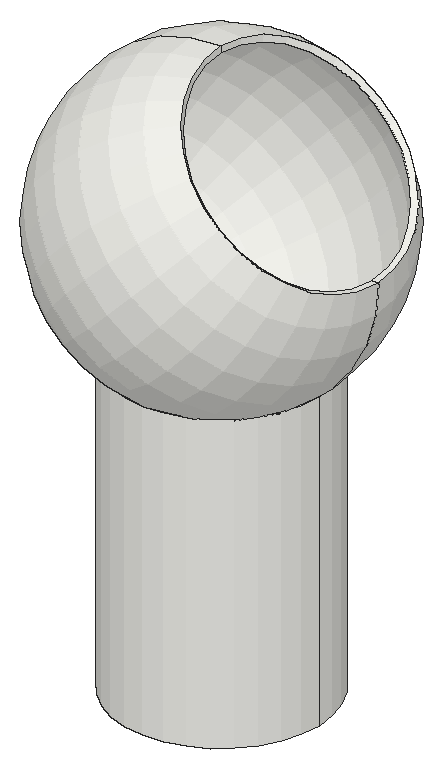
Revit family "M_Spot de luz - Exterior", category Luminárias, Revit 2019
Family settings
  Cota do conector redondo = Utilizar diâmetro
  Tipo de parte = Normal
  Número OmniClass = 23.80.70.14.17
  Título OmniClass = Exterior Spotlights
  ID de item do Seek = Spot Light - Exterior-0000-CAN-ENU
  Com base no plano de trabalho = Não
  Sempre na vertical = Sim
  Corte com vazios quando carregada = Não
  Fonte luminosa = Sim
  Compartilhado = Não
  Ponto de cálculo do ambiente = Não
Parameters (values of type "300W Incandescente - 120V")
  Wattage = 300 W
  built-in parameter 1150110 = 1 (stored number, unit not read)
  built-in parameter 1114217 = 1 (stored number, unit not read)
  built-in parameter 1150109 = 1 (stored number, unit not read)
  built-in parameter 1150134 = 4
  built-in parameter 1150113 = 1 (stored number, unit not read)
  Tilt Angle = -120.00°
  Arquivo de rede fotométrica = "SLE1PS30.IES"
  built-in parameter 1150115 = 1 (stored number, unit not read)
  built-in parameter 1150105 = 486.3 (stored number, unit not read)
  Classificação de carga = Iluminação - Externa
  built-in parameter 1150137 = 1
  built-in parameter 1150139 = (empty or 0)
  built-in parameter 1150112 = 1 (stored number, unit not read)
  built-in parameter 1150114 = 1 (stored number, unit not read)
  built-in parameter 1150132 = (empty or 0)
  built-in parameter 1150102 = (empty or 0)
  built-in parameter 1150138 = (empty or 0)
  built-in parameter 1150107 = 2800 (stored number, unit not read)
  built-in parameter 1150106 = 4.863 (stored number, unit not read)
  built-in parameter 1150104 = 1.8924 (stored number, unit not read)
  Dimming Lamp Color Temperature Shift = (empty or 0)
  Color Filter = 16777215
  Voltagem = 120 V
  Número de pólos = 1
  built-in parameter 1114218 = 1 (stored number, unit not read)
  built-in parameter 1150133 = 10 (stored number, unit not read)
  Código de montagem = "D5020230"
  Lâmpada = "PS-30"
  Lumens = 6111 lm
  Sombra = Aço, acabamento de pintura, marfim, com brilho
  Suporte = Aço, acabamento de pintura, marfim, com brilho
  Comentários de voltagem = "300"
  Carga aparente = 300 VA
Types (5, lengths in mm): name | Wattage | built-in parameter 1150134 | Arquivo de rede fotométrica | built-in parameter 1150105 | built-in parameter 1150107 | built-in parameter 1150106 | built-in parameter 1150104 | Voltagem | Lâmpada | Lumens | Sombra | Comentários de voltagem | Carga aparente
  (no name) | 300 W | 4 | "SLE1PS30.IES" | 486.3 (stored number, unit not read) | 2800 (stored number, unit not read) | 4.863 (stored number, unit not read) | 1.8924 (stored number, unit not read) | 120 V | "PS-30" | 6111 lm | Aço, acabamento de pintura, marfim, com brilho | "300" | 300 VA
  300W Incandescente - 120V | 300 W | 4 | "SLE1PS30.IES" | 486.3 (stored number, unit not read) | 2800 (stored number, unit not read) | 4.863 (stored number, unit not read) | 1.8924 (stored number, unit not read) | 120 V | "PS-30" | 6111 lm | Aço, acabamento de pintura, marfim, com brilho | "300" | 300 VA
  175W Metal Haleto - 120V | 175 W | 12 | "SLE1BT28.IES" | 1018.6 (stored number, unit not read) | 4000 (stored number, unit not read) | 10.186 (stored number, unit not read) | 6.7949 (stored number, unit not read) | 120 V | "BT-28" | 12799.5 lm | Aço, acabamento de pintura, cinza escuro, fosco | "175" | 175 VA
  175W Metal Haleto - 277V | 175 W | 12 | "SLE1BT28.IES" | 1018.6 (stored number, unit not read) | 4000 (stored number, unit not read) | 10.186 (stored number, unit not read) | 6.7949 (stored number, unit not read) | 277 V | "BT-28" | 12799.5 lm | Aço, acabamento de pintura, cinza escuro, fosco | "175" | 175 VA
  300W Incandescente - 277V | 300 W | 4 | "SLE1PS30.IES" | 486.3 (stored number, unit not read) | 2800 (stored number, unit not read) | 4.863 (stored number, unit not read) | 1.8924 (stored number, unit not read) | 277 V | "PS-30" | 6111 lm | Aço, acabamento de pintura, marfim, com brilho | "300" | 300 VA
Reference planes
  plane 1 "Eixo de origem da luz": y = 0
  plane 2: z = 0
  plane 3 "Eixo de origem da luz": x = 0
  plane 4 "Elevação da origem da luz": z = 431.8
Forms (mm)
  Extrusion 1, solid, material "Aço, acabamento de pintura, marfim, com brilho" <- "Suporte"
    sketch origin (0, 0, 0) x (1, 0, 0) y (0, 1, 0)
      loop
        circle (0, 0) r 101.6
      loop
        circle (0, 0) r 76.2
    from 0 to 304.8
  Revolve 2, solid, material "Aço, acabamento de pintura, marfim, com brilho" <- "Sombra"
    sketch origin (0, 0, 0) x (1, 0, 0) y (0, 0, 1)
      loop
        arc (0, 594.439) -> (-150.259, 494.039) -> (-115.003, 316.797) r 162.639
        line (-115.003, 316.797) -> (-110.513, 321.287)
        arc (-110.513, 321.287) -> (-144.393, 491.609) -> (0, 588.089) r 156.289
        line (0, 588.089) -> (0, 594.439)
      axis (-115.003, 316.797) -> (81.32, 513.12)
    angle from 0 to 360
Lines and regions (mm)
  symbolic lines
    curve 1: arc (163.606, 0, 0) -> (0, 163.606, 0) -> (-163.606, 0, 0) r 163.606
    curve 2: arc (-163.606, 0, 0) -> (0, -163.606, 0) -> (163.606, 0, 0) r 163.606
    curve 3: line (0, 26.672, 0) -> (200.224, 142.272, 0)
    curve 4: line (0, -22.013, 0) -> (198.998, -136.905, 0)
    curve 5: line (0, 26.672, 0) -> (0, -22.013, 0)
    curve 6: arc (200.224, 142.272, 0) -> (249.229, 2.466, 0) -> (198.998, -136.905, 0) r 221.16
Dimensions and locks
  aligned and locked: plane 3 "Eixo de origem da luz" to imposter light
  aligned and locked: plane 1 "Eixo de origem da luz" to imposter light
  aligned and locked: plane 4 "Elevação da origem da luz" to imposter light
Connectors
  electrical at (0, 0, 304.8), driven by "Carga aparente", driven by "Voltagem", driven by "Número de pólos", driven by "Classificação de carga"
    settings: on Extrusion 1, index 1, voltage 120 V, apparent load 0 VA, apparent load phase1 300 VA, apparent load phase2 0 VA, apparent load phase3 0 VA, power factor 0.95, load classification "Iluminação - Externa", number of poles 1, system type 31, power factor state 1, is connector primary yes, connector utility no, sub classification motor no, connector description ""
